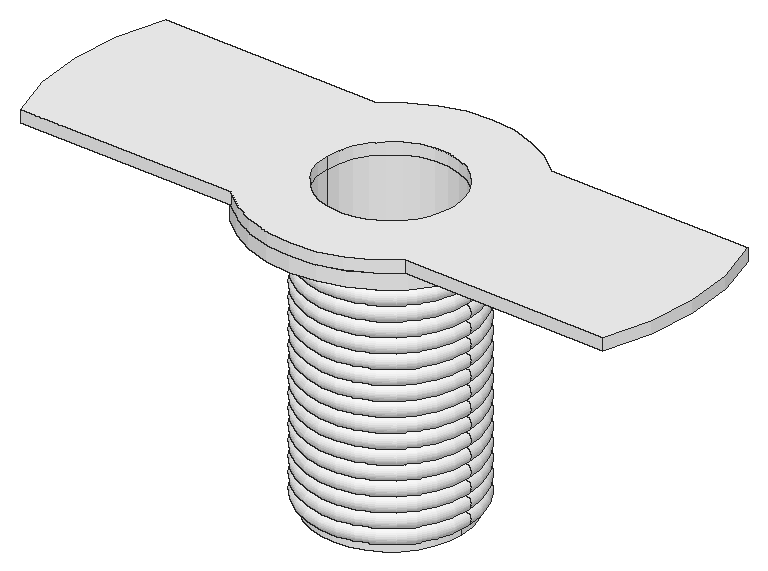
Revit family "1702a_ACAK", category Communication Devices, host Face, Revit 2021
Family settings
  Host = Face
  Maintain Annotation Orientation = No
  Round Connector Dimension = Use Diameter
  Part Type = Normal
  OmniClass Number = 23.85.80.11.27
  OmniClass Title = Lighting Controls
  Cut with Voids When Loaded = No
  Shared = Yes
  Room Calculation Point = No
Parameters
  Width = 6.50"
  Warranty = "5-Years Warranty"  # constant formula
  Type Comments = "ACAK — Acoustic Ceiling Mounting Kit"  # constant formula
  Product Page URL = ""
  Product Documentation Link = ""
  URL = "https://www.currentlighting.com/nxlightingcontrols"
  Model = "ACAK — Acoustic Ceiling Mounting Kit"  # constant formula
  Manufacturer = " NX Lighting Controls"  # constant formula
  Height = 6.50"
  Description = "For ceiling and wall mount sensors used with acoustic ceiling tile. ACAK uses integral cutting teeth for quicker installation."  # constant formula
  Default Elevation = 48.00"
  Copyright = "Copyright ©  NX Lighting Controls"  # constant formula
  Contact Us = ""
  Housing Material = Paint - Matte White
  Certifications = "UL and cUL listed"
  Assembly Code = "D5090"
Reference planes (in)
  plane 1 "Center (Front/Back)": y = 10.63342
  plane 2: z = 0
  plane 3 "Center (Left/Right)": x = 0
  plane 4: x = -3.25
  plane 5: x = 3.25
  plane 6: y = 13.88342
  plane 7: y = 7.38342
  plane 8: z = 2
Forms (in)
  Revolve 1, solid, material "Paint - Matte White" <- "Housing Material"
    sketch origin (0, 10.63342, 0) x (1, 0, 0) y (0, 0, 1)
      loop
        line (0.3125, 0.14253) -> (0.3125, -1.22951) -> (0.35116, -1.22951) -> (0.35116, -1.18843)
        arc (0.35116, -1.18843) -> (0.39158, -1.16008) -> (0.36819, -1.1166) r 0.03717
        arc (0.36819, -1.1166) -> (0.39259, -1.08169) -> (0.36819, -1.04678) r 0.03717
        arc (0.36819, -1.04678) -> (0.39259, -1.01187) -> (0.36819, -0.97696) r 0.03717
        arc (0.36819, -0.97696) -> (0.39259, -0.94205) -> (0.36819, -0.90714) r 0.03717
        arc (0.36819, -0.90714) -> (0.39259, -0.87223) -> (0.36819, -0.83732) r 0.03717
        arc (0.36819, -0.83732) -> (0.39259, -0.80241) -> (0.36819, -0.7675) r 0.03717
        arc (0.36819, -0.7675) -> (0.39259, -0.7326) -> (0.36819, -0.69769) r 0.03717
        arc (0.36819, -0.69769) -> (0.39259, -0.66278) -> (0.36819, -0.62787) r 0.03717
        arc (0.36819, -0.62787) -> (0.39259, -0.59296) -> (0.36819, -0.55805) r 0.03717
        arc (0.36819, -0.55805) -> (0.39259, -0.52314) -> (0.36819, -0.48823) r 0.03717
        arc (0.36819, -0.48823) -> (0.39259, -0.45332) -> (0.36819, -0.41841) r 0.03717
        arc (0.36819, -0.41841) -> (0.39259, -0.38351) -> (0.36819, -0.3486) r 0.03717
        arc (0.36819, -0.3486) -> (0.39259, -0.31369) -> (0.3682, -0.27878) r 0.03717
        arc (0.3682, -0.27878) -> (0.39259, -0.24388) -> (0.36821, -0.20897) r 0.03717
        arc (0.36821, -0.20897) -> (0.39261, -0.17408) -> (0.36826, -0.13917) r 0.03717
        arc (0.36826, -0.13917) -> (0.39268, -0.10434) -> (0.36842, -0.06939) r 0.03717
        arc (0.36842, -0.06939) -> (0.39304, -0.03453) -> (0.36888, 0.00066) r 0.03734
        arc (0.36888, 0.00066) -> (0.3955, 0.03171) -> (0.38197, 0.07031) r 0.04095
        line (0.38197, 0.07031) -> (0.61819, 0.07031) -> (0.61819, 0.14253) -> (0.3125, 0.14253)
      axis (0, 0.14253) -> (0, -1.22951)
    angle from 0 to 360
  Extrusion 2, solid, material "Paint - Matte White" <- "Housing Material"
    sketch origin (0, 0, 0) x (1, 0, 0) y (0, 1, 0)
      loop
        line (-0.42701, 11.08044) -> (-1.45826, 11.08044)
        arc (-1.45826, 11.08044) -> (-1.54556, 10.63342) -> (-1.45826, 10.1864) r 1.18808
        line (-1.45826, 10.1864) -> (-0.42701, 10.1864)
        arc (-0.42701, 10.1864) -> (0, 10.01523) -> (0.42701, 10.1864) r 0.61819
        line (0.42701, 10.1864) -> (1.39576, 10.1864)
        arc (1.39576, 10.1864) -> (1.48306, 10.63342) -> (1.39576, 11.08044) r 1.18808
        line (1.39576, 11.08044) -> (0.42701, 11.08044)
        arc (0.42701, 11.08044) -> (0, 11.25161) -> (-0.42701, 11.08044) r 0.61819
      loop
        circle (0, 10.63342) r 0.3125
    from 0.2 to 0.14253
Cuts and joins
  joined: Revolve 1, Extrusion 2
Dimensions and locks (in)
  "Height": plane 4 to plane 5
  "Width": plane 7 to plane 6
  equal spacing: plane 4, plane 3 "Center (Left/Right)", plane 5
  equal spacing: plane 7, plane 1 "Center (Front/Back)", plane 6
  plane 8 to plane 2 = 2.00"  (x2)
  aligned and locked: plane 2 to host face
  aligned and locked: level to host face
Automatic sketch dimensions
  host sketch curve to host sketch curve = 96.00"  (x2)
  plane 1 "Center (Front/Back)" to Extrusion 2 sketch curve = 0.00"  (x3)
  Extrusion 2 sketch curve to plane 3 "Center (Left/Right)" = 0.42701"
  Extrusion 2 sketch curve to Extrusion 2 sketch curve = 0.06953"
  plane 1 "Center (Front/Back)" to Extrusion 2 sketch curve = 0.44702"
  Extrusion 2 sketch curve to Extrusion 2 sketch curve = 1.10078"  (x2)
  Extrusion 2 sketch curve to plane 1 "Center (Front/Back)" = 0.44702"  (x2)
  plane 3 "Center (Left/Right)" to Extrusion 2 sketch curve = 0.42701"  (x2)
  Extrusion 2 sketch curve to Extrusion 2 sketch curve = 0.13203"
  Extrusion 2 sketch curve to Extrusion 2 sketch curve = 0.00"  (x14)
  Extrusion 2 sketch curve to Extrusion 2 sketch curve = 0.04498"
  Extrusion 2 sketch curve to plane 3 "Center (Left/Right)" = 0.00"
  Revolve 1 sketch curve to plane 3 "Center (Left/Right)" = 0.00"
  level to Revolve 1 sketch curve = 0.14253"
  plane 3 "Center (Left/Right)" to Revolve 1 sketch curve = 0.3125"
  Revolve 1 sketch curve to Revolve 1 sketch curve = 0.04276"
  plane 3 "Center (Left/Right)" to Revolve 1 sketch curve = 0.35541"
  Revolve 1 sketch curve to Revolve 1 sketch curve = 0.04291"
  Revolve 1 sketch curve to Revolve 1 sketch curve = 0.00"  (x11)
  Revolve 1 sketch curve to Revolve 1 sketch curve = 0.00001"
  Revolve 1 sketch curve to Revolve 1 sketch curve = 0.00002"
  Revolve 1 sketch curve to Revolve 1 sketch curve = 0.00007"
  Revolve 1 sketch curve to level = 0.03428"
  Revolve 1 sketch curve to Revolve 1 sketch curve = 0.00019"
  Revolve 1 sketch curve to Revolve 1 sketch curve = 0.02671"
  Revolve 1 sketch curve to Revolve 1 sketch curve = 0.23622"
  Revolve 1 sketch curve to Revolve 1 sketch curve = 0.06997"
  Revolve 1 sketch curve to Revolve 1 sketch curve = 0.06981"  (x2)
  Revolve 1 sketch curve to Revolve 1 sketch curve = 0.06982"  (x13)
  Revolve 1 sketch curve to Revolve 1 sketch curve = 0.07801"
  level to Revolve 1 sketch curve = 0.03927"
  level to Revolve 1 sketch curve = 0.07031"
  Revolve 1 sketch curve to Revolve 1 sketch curve = 0.03866"
  Revolve 1 sketch curve to Revolve 1 sketch curve = 0.01278"  (x13)
  Revolve 1 sketch curve to Revolve 1 sketch curve = 0.01277"
  Revolve 1 sketch curve to Revolve 1 sketch curve = 0.01282"
  Revolve 1 sketch curve to Revolve 1 sketch curve = 0.01291"
  level to Revolve 1 sketch curve = 0.00066"
  Revolve 1 sketch curve to Revolve 1 sketch curve = 1.52049"
  Revolve 1 sketch curve to plane 8 = 1.75"
Connectors (in)
  electrical at (-0.87775, 10.63342, 0.14253)
    settings: on cut or joined group of Revolve 1, Extrusion 2, index 1, voltage 0 V, apparent load 0 VA, apparent load phase1 0 VA, apparent load phase2 0 VA, apparent load phase3 0 VA, power factor 1, load classification "Other", number of poles 1, system type 13, power factor state 1, is connector primary yes, connector utility no, sub classification motor no, connector description ""
